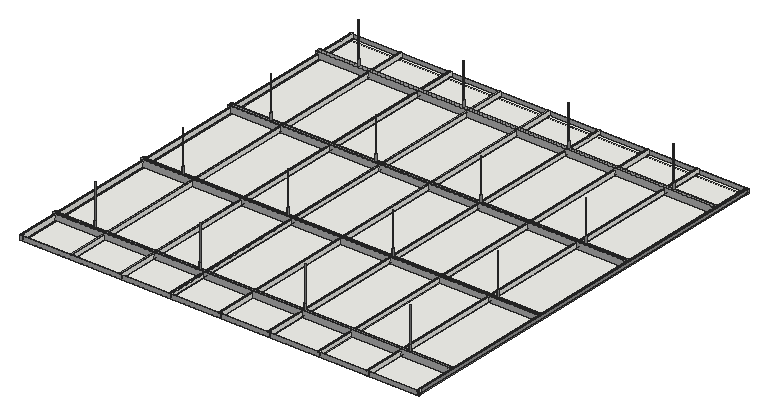
Revit family "FalsoTecho_THU_Lama-Roma", category Modelos genéricos, Revit 2016
Family settings
  Tipo de pieza = Normal
  Puede alojar armadura = No
  Cota de conector redondo = Diámetro de uso
  Número OmniClass = 23.35.70.24.11.17.14.11
  Título OmniClass = Metal Linear Ceilings
  Se basa en plano de trabajo = Sí
  Siempre vertical = No
  Corte con vacíos al cargar = Sí
  Compartido = No
  Punto de cálculo de habitación = No
Parameters (values of type "Acero_300mm")
  Tirantes_Separación real [instance] = (Rastrel_Longitud - (Tirante inicial_Distancia a borde * 2)) / (Tirantes_Recuento - 1)  # 637.567 mm
  Tirantes_Recuento [instance] = (Rastrel_Longitud - (Tirante inicial_Distancia a borde * 2)) / Tirantes_Separación aproximada + 2  # 4
  Tirantes_Separación aproximada [instance] = 1000 mm  # constant formula
  Tirante_Longitud [instance] = THU_Falso techo_Plenum altura  # 250 mm
  Tirante inicial_Distancia a borde [instance] = if(Rastrel_Longitud < 1500 mm, 25 mm, 250 mm)  # 250 mm
  THU_Velo [instance] = no
  THU_Subestructura_Material = "Acero galvanizado"
  THU_Subestructura_Color = THU_Acero galvanizado
  THU_Reacción al fuego = "A2-s1, d0"
  THU_Rastrel = Rastrel_THU_Roma-100 : 3,00x0,70x0,22mm
  THU_Lama_Material = "Acero"
  THU_Lama_Color [instance] = THU_Blanco-RAL9010
  THU_Lama = Lama_THU_Roma : Acero_300mm
  THU_Falso techo_Área [instance] = THU_Falso techo_Longitud * THU_Falso techo_Anchura  # 6.25 m²
  THU_Falso techo_Plenum altura [instance] = 250 mm
  THU_Falso techo_Longitud [instance] = 2500 mm
  THU_Falso techo_Anchura [instance] = 2500 mm
  THU_Falso techo_Altura libre [instance] = 2500 mm
  THU_Acabado [instance] = Acabado_THU_Bandejas : Liso
  Solape vertical_Lama y rastrel [instance] = 21.7 mm  # constant formula
  Rastreles_Separación aproximada [instance] = 1000 mm  # constant formula
  Rastreles_Separación real [instance] = (Lama_Longitud - (Rastrel inicial_Distancia a borde * 2)) / (Rastreles_Recuento - 1)  # 666.667 mm
  Rastreles_Recuento (ml) [instance] = Rastrel_Longitud * Rastreles_Recuento  # 9650.8 mm
  Rastreles_Recuento [instance] = (Lama_Longitud - (Rastrel inicial_Distancia a borde * 2)) / Rastreles_Separación aproximada + 2  # 4
  Rastrel_Roma 100 = Rastrel_THU_Roma-100 : 3,00x0,70x0,22mm
  Rastrel_Longitud [instance] = (Lamas_Recuento * Lama_Anchura) + (Lamas_Separación * (Lamas_Recuento - 1)) + 12.7 mm  # 2412.7 mm
  Rastrel_Anchura = 30 mm  # constant formula
  Rastrel_Altura [instance] = 36 mm  # constant formula
  Rastrel inicial_Distancia a borde [instance] = if(Lama_Longitud < 1000 mm, 25 mm, 250 mm)  # 250 mm
  Página web del producto = "http://thu.es/producto/bandeja-roma/"
  Página web del fabricante = "http://thu.es/"
  Perfiles perimetrales_Distancia a bandeja [instance] = 2 mm  # constant formula
  Perfil perimetral_Anchura [instance] = 24 mm  # constant formula
  Perfil perimetral trans_Longitud [instance] = Rastrel_Longitud + (Perfiles perimetrales_Distancia a bandeja * 2)  # 2416.7 mm
  Perfil perimetral long_Longitud [instance] = Lama_Longitud - Perfil perimetral_Anchura  # 2476 mm
  Perfil perimetral 04 [instance] = yes
  Perfil perimetral 03 [instance] = yes
  Perfil perimetral 02 [instance] = yes
  Perfil perimetral 01 [instance] = yes
  Perfil perimetral [instance] = Perfiles perimetrales_THU : (A)_L24x24
  País de fabricación = "España"
  País de diseño = "España"
  Omniclass = "23.35.70.24.11.17.14.11"
  Número de edición (versión) = 1
  Nombre del objeto = "Lama Roma"
  NBS Reference Description = "Board suspended ceiling system"
  NBS Reference = "20-10-10/110"
  Marca = "THU"
  Manual de montaje = "http://thu.es/wp-content/uploads/manuals/MM-Techos-Bandejas-Roma.pdf"
  Lamas_Recuento (ml) [instance] = Lama_Longitud * Lamas_Recuento  # 20000 mm
  Lamas_Recuento [instance] = THU_Falso techo_Anchura / (Lama_Anchura + Lamas_Separación)  # 8
  Lamas_Separación [instance] = 0 mm  # constant formula
  Lama_Longitud [instance] = THU_Falso techo_Longitud  # 2500 mm
  Lama_Anchura = 300 mm
  Lama_Altura = 28 mm  # constant formula
  IFC Classification = "Ceiling"
  Grupo del producto = "Lamas"
  Ficha técnica = "http://thu.es/wp-content/uploads/datasheets/ft-bandejas-roma-thu.pdf"
  Ficha resumen = "http://thu.es/wp-content/uploads/datasheets/THU_Techos_metalicos_Bandeja_Roma.pdf"
  Fecha de publicación del objeto BIM = ""
  Famila del producto = "Techos metálicos"
  Falso techo_Grosor [instance] = Lama_Altura + Rastrel_Altura  # 64 mm
  Falso techo_Anchura aprox [instance] = (Lamas_Recuento * Lama_Anchura) + (Lamas_Separación * (Lamas_Recuento - 1))  # 2400 mm
  Fabricante = "THU Perfil S.L."
  Default Elevation = 0 mm
  Descripción = "Bandeja THU de ancho útil 200 ó 300 mm y de longitud variable según necesidades. Sistema autoportante (no necesita rastrel) sobre una longitud máxima de 2m para ancho de 200mm y de 2,5m para el modelo de 300mm.Normalmente montado sobre angulares de 24 mm y perfilería THU T24. Lleva un sistema de clips de plástico para el ajuste entre bandejas que permite que el techo sea registrable localmente donde no son colocados y modulable al ancho de la bandeja. Su superficie puede ser lisa o presentar distintas perforaciones."
  Declaración de prestaciones = "http://thu.es/wp-content/uploads/declarations/dp_bandejas_roma.pdf"
  Comentarios de tipo = "Bandejas Roma para techo suspendido, para ser montadas en interior de edificios con perfilería THU T24 o rastreles Venezia según circunstancias de aplicación."
  COBie Type Category = "L387 : Suspended ceilings"
Types (3, lengths in mm): name | Tirantes_Separación real | THU_Lama_Material | THU_Lama | Rastreles_Recuento (ml) | Rastrel_Longitud | Perfil perimetral trans_Longitud | Lamas_Recuento (ml) | Lamas_Recuento | Lama_Anchura | Falso techo_Anchura aprox
  Acero_300mm | 637.567 | "Acero" | Lama_THU_Roma : Acero_300mm | 9650.8 | 2412.7 | 2416.7 | 20000 | 8 | 300 | 2400
  Aluminio_300mm | 637.567 | "Aluminio" | Lama_THU_Roma : Aluminio_300mm | 9650.8 | 2412.7 | 2416.7 | 20000 | 8 | 300 | 2400
  Aluminio_200mm | 704.233 | "Aluminio" | Lama_THU_Roma : Aluminio_200mm | 10450.8 | 2612.7 | 2616.7 | 32500 | 13 | 200 | 2600
Reference planes
  plane 1 "Centro (Frontal/Posterior)": y = 0
  plane 2: z = 0
  plane 3 "Centro (Izquierda/Derecha)": x = 0
  plane 4 "Lamas_Límite inferior": z = 2500
  plane 5 "Rastreles_Límite inferior": z = 2506.3
  plane 6 "Rastreles_Límite superior": z = 2542.3
  plane 7 "Lamas_Límite superior": z = 2528
  plane 8 "Falso techo_Límite derecho": x = 2500
  plane 9 "Falso techo_Límite superior": y = 2500
  plane 10 "Tirantes_Límite superior": z = 2792.3
Dimensions and locks
  "Rastrel_Altura": plane 6 "Rastreles_Límite superior" to plane 5 "Rastreles_Límite inferior"
  "THU_Falso techo_Altura libre": level to plane 4 "Lamas_Límite inferior"
  "Lama_Altura": plane 7 "Lamas_Límite superior" to plane 4 "Lamas_Límite inferior"
  "Solape vertical_Lama y rastrel": plane 7 "Lamas_Límite superior" to plane 5 "Rastreles_Límite inferior"
  "THU_Falso techo_Longitud": plane 1 "Centro (Frontal/Posterior)" to plane 9 "Falso techo_Límite superior"
  "THU_Falso techo_Anchura": plane 3 "Centro (Izquierda/Derecha)" to plane 8 "Falso techo_Límite derecho"
  "THU_Falso techo_Plenum altura": plane 10 "Tirantes_Límite superior" to plane 6 "Rastreles_Límite superior"
  equal spacing: group 1, group 2, group 3, group 4, group 5, group 6, group 7, group 8  (x3)
  "Lamas_Separación": nested 2 to nested 1
  "Rastrel inicial_Distancia a borde": nested 1 to nested 9
  equal spacing: group 9, group 11, group 12, group 10  (x3)
  "Rastrel inicial_Distancia a borde": nested 1 to nested 10
  "Perfiles perimetrales_Distancia a bandeja": nested 13 to plane 3 "Centro (Izquierda/Derecha)"
  "Perfiles perimetrales_Distancia a bandeja": nested 9 to nested 14
  "Perfiles perimetrales_Distancia a bandeja": plane 9 "Falso techo_Límite superior" to nested 15
  "Perfiles perimetrales_Distancia a bandeja": nested 15 to plane 3 "Centro (Izquierda/Derecha)"
  "Perfiles perimetrales_Distancia a bandeja": nested 13 to plane 1 "Centro (Frontal/Posterior)"
  "Perfiles perimetrales_Distancia a bandeja": nested 16 to plane 3 "Centro (Izquierda/Derecha)"
  aligned and locked: level to plane 2
  aligned and locked: plane 7 "Lamas_Límite superior" to nested 1
  aligned and locked: plane 7 "Lamas_Límite superior" to nested 2
  aligned and locked: nested 9 to plane 5 "Rastreles_Límite inferior"
  aligned and locked: nested 11 to plane 5 "Rastreles_Límite inferior"
  aligned and locked: nested 13 to nested 16
  aligned and locked: nested 14 to nested 13
Nested families
  nested 1: "Lama_THU_Roma" at (12.695, 0, 2528), Lama_Longitud <- "Lama_Longitud", THU_Color <- "THU_Lama_Color", Lama_Anchura <- "Lama_Anchura", Lama_Altura <- "Lama_Altura", type <- "THU_Lama", type "Acero_300mm"
    with THU_Recuento (ml) 2500 mm, THU_Material "Aluminio", THU_Color THU_Blanco-RAL9010, Lama_Longitud 2500 mm, Lama_Anchura 300 mm, Lama_Altura 28 mm
  nested 2: "Lama_THU_Roma" at (312.695, 0, 2528), Lama_Longitud <- "Lama_Longitud", THU_Color <- "THU_Lama_Color", Lama_Anchura <- "Lama_Anchura", Lama_Altura <- "Lama_Altura", type <- "THU_Lama", type "Acero_300mm"
    with THU_Recuento (ml) 2500 mm, THU_Material "Aluminio", THU_Color THU_Blanco-RAL9010, Lama_Longitud 2500 mm, Lama_Anchura 300 mm, Lama_Altura 28 mm
  nested 3: "Lama_THU_Roma" at (612.695, 0, 2528), Lama_Longitud <- "Lama_Longitud", THU_Color <- "THU_Lama_Color", Lama_Anchura <- "Lama_Anchura", Lama_Altura <- "Lama_Altura", type <- "THU_Lama", type "Acero_300mm"
    with THU_Recuento (ml) 2500 mm, THU_Material "Aluminio", THU_Color THU_Blanco-RAL9010, Lama_Longitud 2500 mm, Lama_Anchura 300 mm, Lama_Altura 28 mm
  nested 4: "Lama_THU_Roma" at (912.695, 0, 2528), Lama_Longitud <- "Lama_Longitud", THU_Color <- "THU_Lama_Color", Lama_Anchura <- "Lama_Anchura", Lama_Altura <- "Lama_Altura", type <- "THU_Lama", type "Acero_300mm"
    with THU_Recuento (ml) 2500 mm, THU_Material "Aluminio", THU_Color THU_Blanco-RAL9010, Lama_Longitud 2500 mm, Lama_Anchura 300 mm, Lama_Altura 28 mm
  nested 5: "Lama_THU_Roma" at (1212.695, 0, 2528), Lama_Longitud <- "Lama_Longitud", THU_Color <- "THU_Lama_Color", Lama_Anchura <- "Lama_Anchura", Lama_Altura <- "Lama_Altura", type <- "THU_Lama", type "Acero_300mm"
    with THU_Recuento (ml) 2500 mm, THU_Material "Aluminio", THU_Color THU_Blanco-RAL9010, Lama_Longitud 2500 mm, Lama_Anchura 300 mm, Lama_Altura 28 mm
  nested 6: "Lama_THU_Roma" at (1512.695, 0, 2528), Lama_Longitud <- "Lama_Longitud", THU_Color <- "THU_Lama_Color", Lama_Anchura <- "Lama_Anchura", Lama_Altura <- "Lama_Altura", type <- "THU_Lama", type "Acero_300mm"
    with THU_Recuento (ml) 2500 mm, THU_Material "Aluminio", THU_Color THU_Blanco-RAL9010, Lama_Longitud 2500 mm, Lama_Anchura 300 mm, Lama_Altura 28 mm
  nested 7: "Lama_THU_Roma" at (1812.695, 0, 2528), Lama_Longitud <- "Lama_Longitud", THU_Color <- "THU_Lama_Color", Lama_Anchura <- "Lama_Anchura", Lama_Altura <- "Lama_Altura", type <- "THU_Lama", type "Acero_300mm"
    with THU_Recuento (ml) 2500 mm, THU_Material "Aluminio", THU_Color THU_Blanco-RAL9010, Lama_Longitud 2500 mm, Lama_Anchura 300 mm, Lama_Altura 28 mm
  nested 8: "Lama_THU_Roma" at (2112.695, 0, 2528), Lama_Longitud <- "Lama_Longitud", THU_Color <- "THU_Lama_Color", Lama_Anchura <- "Lama_Anchura", Lama_Altura <- "Lama_Altura", type <- "THU_Lama", type "Acero_300mm"
    with THU_Recuento (ml) 2500 mm, THU_Material "Aluminio", THU_Color THU_Blanco-RAL9010, Lama_Longitud 2500 mm, Lama_Anchura 300 mm, Lama_Altura 28 mm
  nested 9: "Rastrel_THU_Roma-100" at (0, 250, 2506.3) x (0, -1, 0) z (0, 0, 1), THU_Color <- "THU_Subestructura_Color", Tirantes_Recuento <- "Tirantes_Recuento", Tirante_Longitud <- "Tirante_Longitud", Tirante inicial_Distancia a extremo <- "Tirante inicial_Distancia a borde", Rastrel_Longitud <- "Rastrel_Longitud", Rastrel_Altura <- "Rastrel_Altura", type "3,00x0,70x0,22mm", detail levels medium+fine
    with Tirantes_Recuento 4, Tirante_Longitud 250 mm, Tirante inicial_Distancia a extremo 250 mm, THU_Recuento (ml) 2412.7 mm, THU_Material "Acero galvanizado", THU_Color THU_Acero galvanizado, Rastrel_Longitud 2412.7 mm, Rastrel_Anchura 30 mm, Rastrel_Altura 36 mm
  nested 10: "Rastrel_THU_Roma-100" at (0, 2250, 2506.3) x (0, -1, 0) z (0, 0, 1), THU_Color <- "THU_Subestructura_Color", Tirantes_Recuento <- "Tirantes_Recuento", Tirante_Longitud <- "Tirante_Longitud", Tirante inicial_Distancia a extremo <- "Tirante inicial_Distancia a borde", Rastrel_Longitud <- "Rastrel_Longitud", Rastrel_Altura <- "Rastrel_Altura", type "3,00x0,70x0,22mm", detail levels medium+fine
    with Tirantes_Recuento 4, Tirante_Longitud 250 mm, Tirante inicial_Distancia a extremo 250 mm, THU_Recuento (ml) 2412.7 mm, THU_Material "Acero galvanizado", THU_Color THU_Acero galvanizado, Rastrel_Longitud 2412.7 mm, Rastrel_Anchura 30 mm, Rastrel_Altura 36 mm
  nested 11: "Rastrel_THU_Roma-100" at (0, 916.667, 2506.3) x (0, -1, 0) z (0, 0, 1), THU_Color <- "THU_Subestructura_Color", Tirantes_Recuento <- "Tirantes_Recuento", Tirante_Longitud <- "Tirante_Longitud", Tirante inicial_Distancia a extremo <- "Tirante inicial_Distancia a borde", Rastrel_Longitud <- "Rastrel_Longitud", Rastrel_Altura <- "Rastrel_Altura", type "3,00x0,70x0,22mm", detail levels medium+fine
    with Tirantes_Recuento 4, Tirante_Longitud 250 mm, Tirante inicial_Distancia a extremo 250 mm, THU_Recuento (ml) 2412.7 mm, THU_Material "Acero galvanizado", THU_Color THU_Acero galvanizado, Rastrel_Longitud 2412.7 mm, Rastrel_Anchura 30 mm, Rastrel_Altura 36 mm
  nested 12: "Rastrel_THU_Roma-100" at (0, 1583.333, 2506.3) x (0, -1, 0) z (0, 0, 1), THU_Color <- "THU_Subestructura_Color", Tirantes_Recuento <- "Tirantes_Recuento", Tirante_Longitud <- "Tirante_Longitud", Tirante inicial_Distancia a extremo <- "Tirante inicial_Distancia a borde", Rastrel_Longitud <- "Rastrel_Longitud", Rastrel_Altura <- "Rastrel_Altura", type "3,00x0,70x0,22mm", detail levels medium+fine
    with Tirantes_Recuento 4, Tirante_Longitud 250 mm, Tirante inicial_Distancia a extremo 250 mm, THU_Recuento (ml) 2412.7 mm, THU_Material "Acero galvanizado", THU_Color THU_Acero galvanizado, Rastrel_Longitud 2412.7 mm, Rastrel_Anchura 30 mm, Rastrel_Altura 36 mm
  nested 13: "Perfiles perimetrales_THU" at (-2, -2, 2499) x (0, 1, 0) z (0, 0, 1), visible <- "Perfil perimetral 01", THU_Color <- "THU_Subestructura_Color", THU_Material <- "THU_Subestructura_Material", Perfil_Longitud <- "Perfil perimetral trans_Longitud", Perfil_Anchura <- "Perfil perimetral_Anchura", type <- "Perfil perimetral", type "(A)_L24x24"
    with THU_Recuento (ml) 2416.7 mm, THU_Material "Acero galvanizado", THU_Color THU_Acero galvanizado, Perfil_Longitud 2416.7 mm, Perfil_Anchura 24 mm
  nested 14: "Perfiles perimetrales_THU" at (2414.7, 22, 2499) x (-1, 0, 0) z (0, 0, 1), visible <- "Perfil perimetral 02", THU_Color <- "THU_Subestructura_Color", THU_Material <- "THU_Subestructura_Material", Perfil_Longitud <- "Perfil perimetral long_Longitud", Perfil_Anchura <- "Perfil perimetral_Anchura", type <- "Perfil perimetral", type "(A)_L24x24"
    with THU_Recuento (ml) 2476 mm, THU_Material "Acero galvanizado", THU_Color THU_Acero galvanizado, Perfil_Longitud 2476 mm, Perfil_Anchura 24 mm
  nested 15: "Perfiles perimetrales_THU" at (-2, 2502, 2499) x (0, -1, 0) z (0, 0, 1), visible <- "Perfil perimetral 03", THU_Color <- "THU_Subestructura_Color", THU_Material <- "THU_Subestructura_Material", Perfil_Longitud <- "Perfil perimetral trans_Longitud", Perfil_Anchura <- "Perfil perimetral_Anchura", type <- "Perfil perimetral", type "(A)_L24x24"
    with THU_Recuento (ml) 2416.7 mm, THU_Material "Acero galvanizado", THU_Color THU_Acero galvanizado, Perfil_Longitud 2416.7 mm, Perfil_Anchura 24 mm
  nested 16: "Perfiles perimetrales_THU" at (-2, 22, 2499), visible <- "Perfil perimetral 04", THU_Color <- "THU_Subestructura_Color", THU_Material <- "THU_Subestructura_Material", Perfil_Longitud <- "Perfil perimetral long_Longitud", Perfil_Anchura <- "Perfil perimetral_Anchura", type <- "Perfil perimetral", type "(A)_L24x24"
    with THU_Recuento (ml) 2476 mm, THU_Material "Acero galvanizado", THU_Color THU_Acero galvanizado, Perfil_Longitud 2476 mm, Perfil_Anchura 24 mm
Definition of nested family "Lama_THU_Roma"
  Parameters (values of type "Acero_300mm")
    THU_Recuento (ml) [instance] = Lama_Longitud  # 1000 mm
    THU_Mediciones = 1 < 2  # yes
    THU_Material [instance] = "Acero"
    THU_Color [instance] = none
    Nombre del objeto = "Lama Roma 300"
    Lama_Longitud [instance] = 1000 mm
    Lama_Anchura [instance] = 300 mm
    Lama_Altura [instance] = 28 mm
    Default Elevation = 0 mm
  Types (3, lengths in mm): name | THU_Material | Nombre del objeto | Lama_Anchura
    Acero_300mm | "Acero" | "Lama Roma 300" | 300
    Aluminio_300mm | "Aluminio" | "Lama Roma 300" | 300
    Aluminio_200mm | "Aluminio" | "Lama Roma 200" | 200
  Reference planes
    plane 1 "Centro (Frontal/Posterior)": y = 0
    plane 2: z = 0
    plane 3 "Centro (Izquierda/Derecha)": x = 0
    plane 4 "Lama_Borde izquierdo": x = 0
    plane 5 "Lama_Borde derecho": x = 300
    plane 6: y = 1000
  Forms (mm)
    Extrusion 1, solid, material <- "THU_Color"
      sketch origin (180.919, 0, -13.159) x (-1, 0, 0) y (0, 0, -1)
        loop
          arc (179.919, -12.159) -> (180.212, -12.867) -> (180.919, -13.159) r 1
          line (180.919, -13.159) -> (192.08, -13.159)
          arc (192.08, -13.159) -> (192.723, -12.925) -> (193.065, -12.333) r 1
          line (193.065, -12.333) -> (193.614, -9.22) -> (192.629, -9.047) -> (192.224, -11.341)
          arc (192.224, -11.341) -> (191.885, -11.928) -> (191.249, -12.159) r 0.991
          line (191.249, -12.159) -> (181.909, -12.159)
          arc (181.909, -12.159) -> (181.209, -11.87) -> (180.919, -11.17) r 0.99
          line (180.919, -11.17) -> (180.919, 13.861)
          arc (180.919, 13.861) -> (180.632, 14.554) -> (179.939, 14.841) r 0.98
          line (179.939, 14.841) -> (-118.081, 14.841)
          arc (-118.081, 14.841) -> (-118.788, 14.548) -> (-119.081, 13.841) r 1
          line (-119.081, 13.841) -> (-119.081, -11.168)
          arc (-119.081, -11.168) -> (-118.788, -11.875) -> (-118.081, -12.168) r 1
          line (-118.081, -12.168) -> (-110.92, -12.168)
          arc (-110.92, -12.168) -> (-110.277, -11.934) -> (-109.935, -11.342) r 1
          line (-109.935, -11.342) -> (-109.386, -8.229) -> (-110.371, -8.055) -> (-110.777, -10.355)
          arc (-110.777, -10.355) -> (-111.113, -10.938) -> (-111.746, -11.168) r 0.984
          line (-111.746, -11.168) -> (-117.424, -11.168)
          arc (-117.424, -11.168) -> (-117.888, -10.976) -> (-118.081, -10.511) r 0.657
          line (-118.081, -10.511) -> (-118.081, 12.874)
          arc (-118.081, 12.874) -> (-117.798, 13.557) -> (-117.114, 13.841) r 0.967
          line (-117.114, 13.841) -> (178.929, 13.841)
          arc (178.929, 13.841) -> (179.629, 13.551) -> (179.919, 12.85) r 0.99
          line (179.919, 12.85) -> (179.919, -12.159)
      from 0 to -1000
  Dimensions and locks
    "Lama_Anchura": plane 5 "Lama_Borde derecho" to plane 4 "Lama_Borde izquierdo"
    "Lama_Longitud": plane 1 "Centro (Frontal/Posterior)" to plane 6
    locked: Extrusion 1 sketch curve to Extrusion 1 sketch curve at 1  (x7)
    "Lama_Anchura": Extrusion 1 sketch curve to Extrusion 1 sketch curve
    "Lama_Altura": Extrusion 1 sketch curve to Extrusion 1 sketch curve
    aligned and locked: level to plane 2
    aligned and locked: Extrusion 1 to plane 6
    aligned and locked: plane 1 "Centro (Frontal/Posterior)" to Extrusion 1
  Automatic sketch dimensions
    Extrusion 1 sketch curve to plane 5 "Lama_Borde derecho" = 0 mm
    Extrusion 1 sketch curve to plane 3 "Centro (Izquierda/Derecha)" = 0 mm
    Extrusion 1 sketch curve to level = 0 mm
    Extrusion 1 sketch curve to Extrusion 1 sketch curve = 0 mm
    Extrusion 1 sketch curve to plane 5 "Lama_Borde derecho" = 1 mm
    Extrusion 1 sketch curve to Extrusion 1 sketch curve = 0.657 mm
    Extrusion 1 sketch curve to Extrusion 1 sketch curve = 0.967 mm
    Extrusion 1 sketch curve to Extrusion 1 sketch curve = 5.678 mm
    Extrusion 1 sketch curve to Extrusion 1 sketch curve = 0.826 mm
    Extrusion 1 sketch curve to level = 2.805 mm
    Extrusion 1 sketch curve to Extrusion 1 sketch curve = 0.143 mm
    Extrusion 1 sketch curve to Extrusion 1 sketch curve = 0.405 mm  (x2)
    Extrusion 1 sketch curve to level = 1.818 mm
    Extrusion 1 sketch curve to Extrusion 1 sketch curve = 0.985 mm
    Extrusion 1 sketch curve to Extrusion 1 sketch curve = 0.99 mm
    plane 3 "Centro (Izquierda/Derecha)" to Extrusion 1 sketch curve = 0.98 mm
    Extrusion 1 sketch curve to plane 3 "Centro (Izquierda/Derecha)" = 0.99 mm
    Extrusion 1 sketch curve to Extrusion 1 sketch curve = 9.34 mm
    Extrusion 1 sketch curve to Extrusion 1 sketch curve = 0.831 mm
    Extrusion 1 sketch curve to level = 1.819 mm
    Extrusion 1 sketch curve to Extrusion 1 sketch curve = 0.144 mm
    Extrusion 1 sketch curve to level = 4.113 mm
    Extrusion 1 sketch curve to level = 0.826 mm
    Extrusion 1 sketch curve to level = 0.991 mm
Definition of nested family "Rastrel_THU_Roma-100"
  Parameters (values of type "3,00x0,70x0,22mm")
    Tirantes_Recuento [instance] = 2
    Tirante_Longitud [instance] = 250 mm
    Tirante inicial_Distancia a extremo [instance] = 100 mm
    THU_Recuento (ml) [instance] = Rastrel_Longitud  # 1000 mm
    THU_Mediciones = 1 < 2  # yes
    THU_Material [instance] = "Acero galvanizado"
    THU_Color [instance] = none
    Rastrel_Longitud [instance] = 1000 mm
    Rastrel_Anchura [instance] = 30 mm  # constant formula
    Rastrel_Altura [instance] = 36 mm
    Nombre del objeto = "Rastrel Roma 100"
    Default Elevation = 0 mm
  Reference planes
    plane 1 "Centro (Frontal/Posterior)": y = 0
    plane 2: z = 0
    plane 3 "Centro (Izquierda/Derecha)": x = 0
    plane 4 "Rastrel_Cara superior": z = 36
    plane 5: x = -15
    plane 6: x = 15
  Forms (mm)
    Extrusion 1, solid, material <- "THU_Color"
      sketch origin (0, 0, 0) x (1, 0, 0) y (0, 0, 1)
        loop
          line (-9.63, 35.151) -> (-15, 0) -> (-13.988, 0) -> (-8.641, 35) -> (8.641, 35) -> (13.988, 0) -> (15, 0) -> (9.63, 35.151)
          arc (9.63, 35.151) -> (9.293, 35.759) -> (8.641, 36) r 1
          line (8.641, 36) -> (-8.641, 36)
          arc (-8.641, 36) -> (-9.293, 35.759) -> (-9.63, 35.151) r 1
      from 0 to -1000
  Dimensions and locks
    "Rastrel_Altura": plane 4 "Rastrel_Cara superior" to level
    "Rastrel_Anchura": plane 5 to plane 6
    equal spacing: plane 5, plane 3 "Centro (Izquierda/Derecha)", plane 6
    locked: Extrusion 1 sketch curve to Extrusion 1 sketch curve at 1  (x3)
    "Rastrel_Longitud": Extrusion 1 to Extrusion 1
    "Tirante inicial_Distancia a extremo": plane 1 "Centro (Frontal/Posterior)" to nested 1
    group 1 to group 2 = 0 mm  (x2)
    group 1 to group 2 = 800 mm
    "Tirante inicial_Distancia a extremo": Extrusion 1 to nested 2
    aligned and locked: level to plane 2
    aligned and locked: Extrusion 1 to level  (x2)
    aligned and locked: plane 3 "Centro (Izquierda/Derecha)" to nested 1
    aligned and locked: plane 3 "Centro (Izquierda/Derecha)" to nested 2
  Automatic sketch dimensions
    Extrusion 1 sketch curve to level = 0 mm  (x2)
    plane 5 to Extrusion 1 sketch curve = 0 mm
    Extrusion 1 sketch curve to plane 4 "Rastrel_Cara superior" = 0 mm
    plane 6 to Extrusion 1 sketch curve = 0 mm
    Extrusion 1 sketch curve to Extrusion 1 sketch curve = 1.012 mm
    Extrusion 1 sketch curve to plane 4 "Rastrel_Cara superior" = 0.849 mm  (x2)
    Extrusion 1 sketch curve to Extrusion 1 sketch curve = 0 mm  (x2)
    plane 6 to Extrusion 1 sketch curve = 1.012 mm
  Nested families
    nested 1: "Tirantes_THU" at (0, 100, 36), Tirante_Material <- "THU_Color", Tirante_Longitud <- "Tirante_Longitud", type "Tirante - Rastreles", detail levels fine
      with Tirante_Material none, Tirante_Longitud 250 mm
    nested 2: "Tirantes_THU" at (0, 900, 36), Tirante_Material <- "THU_Color", Tirante_Longitud <- "Tirante_Longitud", type "Tirante - Rastreles", detail levels fine
      with Tirante_Material none, Tirante_Longitud 250 mm
  Definition of nested family "Tirantes_THU"
    Parameters (values of type "Tirante - Perfil triangular")
      Tirante_Material [instance] = none
      Tirante_Longitud [instance] = 250 mm
      Pieza de cuelgue_Altura = 20 mm
      Pieza de cualgue_Anchura = 26 mm
      Perfiles = no
      Perfil triangular = yes
      Rastreles = no
      Default Elevation = 0 mm
    Types (3, lengths in mm): name | Pieza de cuelgue_Altura | Pieza de cualgue_Anchura | Perfiles | Perfil triangular | Rastreles
      Tirante - Rastreles | 40 | 10 | no | no | yes
      Tirante - Perfil triangular | 20 | 26 | no | yes | no
      Tirante - Perfiles | 20 | 10.5 | yes | no | no
    Reference planes
      plane 1 "Centro (Frontal/Posterior)": y = 0
      plane 2: z = 0
      plane 3 "Centro (Izquierda/Derecha)": x = 0
      plane 4 "Perfil_Cara superior": z = 20
      plane 5 "Tirantes_Límite superior": z = 250
      plane 6 "Pieza de cuelgue_Lateral izquierdo": x = -13
      plane 7 "Pieza de cuelgue_Lateral derecho": x = 13
    Forms (mm)
      Extrusion 1, solid, material <- "Tirante_Material"
        sketch origin (0, 0, 0) x (1, 0, 0) y (0, 1, 0)
          loop
            circle (0, 0) r 1.5
        from 20 to 250
      Extrusion 2, solid, material <- "Tirante_Material", visible <- "Perfiles"
        sketch origin (0, 0, 0) x (1, 0, 0) y (0, 0, 1)
          loop
            line (-13, 20) -> (-13, 0) -> (-8.759, 0) -> (-8.759, 2) -> (-10.518, 2) -> (-10.518, 11) -> (10.518, 11) -> (10.518, 2) -> (8.759, 2) -> (8.759, 0) -> (13, 0) -> (13, 20) -> (-13, 20)
        from -1 to 1
      Extrusion 3, solid, material <- "Tirante_Material", visible <- "Perfil triangular"
        sketch origin (0, 0, 0) x (1, 0, 0) y (0, 0, 1)
          loop
            line (0, 20) -> (-13, 20) -> (-13, 18) -> (-1, 18) -> (-1, 2.022) -> (-13, 2.022) -> (-13, 0) -> (0, 0) -> (13, 0) -> (13, 2.022) -> (1, 2.022) -> (1, 18) -> (13, 18) -> (13, 20) -> (0, 20)
        from -7.5 to 7.5
      Extrusion 4, solid, material <- "Tirante_Material", visible <- "Rastreles"
        sketch origin (0, 0, 0) x (1, 0, 0) y (0, 0, 1)
          loop
            line (-13, 0) -> (13, 0) -> (13, 20) -> (-13, 20) -> (-13, 0)
        from -1 to 1
    Dimensions and locks
      equal spacing: Extrusion 2, plane 1 "Centro (Frontal/Posterior)", Extrusion 2
      "Tirante_Longitud": plane 5 "Tirantes_Límite superior" to level
      "Pieza de cuelgue_Altura": plane 4 "Perfil_Cara superior" to level
      "Pieza de cualgue_Anchura": plane 7 "Pieza de cuelgue_Lateral derecho" to plane 6 "Pieza de cuelgue_Lateral izquierdo"
      equal spacing: plane 7 "Pieza de cuelgue_Lateral derecho", plane 3 "Centro (Izquierda/Derecha)", plane 6 "Pieza de cuelgue_Lateral izquierdo"
      locked: Extrusion 2 sketch curve to Extrusion 2 sketch curve at 2.482  (x2)
      locked: Extrusion 2 sketch curve to Extrusion 2 sketch curve at 9
      locked: Extrusion 2 sketch curve to Extrusion 2 sketch curve at 4.241  (x2)
      locked: Extrusion 3 sketch curve to Extrusion 3 sketch curve at 2  (x2)
      locked: Extrusion 3 sketch curve to Extrusion 3 sketch curve at 2.022
      aligned and locked: level to plane 2
      aligned and locked: plane 5 "Tirantes_Límite superior" to Extrusion 1
      aligned and locked: Extrusion 1 to plane 4 "Perfil_Cara superior"
      aligned and locked: Extrusion 1 to Extrusion 2
      aligned and locked: Extrusion 2 to level
      aligned and locked: Extrusion 3 sketch curve to Extrusion 3 sketch curve  (x4)
      aligned and locked: plane 4 "Perfil_Cara superior" to Extrusion 4 sketch curve
      aligned and locked: plane 7 "Pieza de cuelgue_Lateral derecho" to Extrusion 4 sketch curve
      aligned and locked: Extrusion 4 sketch curve to plane 6 "Pieza de cuelgue_Lateral izquierdo"
      aligned and locked: plane 6 "Pieza de cuelgue_Lateral izquierdo" to Extrusion 2 sketch curve
      aligned and locked: Extrusion 3 sketch curve to plane 7 "Pieza de cuelgue_Lateral derecho"
      aligned and locked: Extrusion 3 sketch curve to plane 6 "Pieza de cuelgue_Lateral izquierdo"
      aligned and locked: Extrusion 2 sketch curve to Extrusion 2 sketch curve
    Automatic sketch dimensions
      plane 1 "Centro (Frontal/Posterior)" to Extrusion 1 sketch curve = 0 mm
      Extrusion 1 sketch curve to plane 3 "Centro (Izquierda/Derecha)" = 0 mm
      Extrusion 2 sketch curve to level = 0 mm  (x2)
      Extrusion 2 sketch curve to plane 4 "Perfil_Cara superior" = 0 mm
      level to Extrusion 2 sketch curve = 2 mm
      Extrusion 3 sketch curve to plane 4 "Perfil_Cara superior" = 0 mm
      Extrusion 3 sketch curve to level = 0 mm
      Extrusion 3 sketch curve to plane 3 "Centro (Izquierda/Derecha)" = 0 mm  (x2)
      plane 3 "Centro (Izquierda/Derecha)" to Extrusion 3 sketch curve = 1 mm
      Extrusion 2 sketch curve to plane 7 "Pieza de cuelgue_Lateral derecho" = 0 mm
      Extrusion 4 sketch curve to level = 0 mm
      radius of Extrusion 1 sketch curve = 1.5 mm
Definition of nested family "Perfiles perimetrales_THU"
  Parameters (values of type "U20")
    U = yes
    THU_Recuento (ml) [instance] = Perfil_Longitud  # 1000 mm
    THU_Mediciones = 1 < 2  # yes
    THU_Material [instance] = "Acero galvanizado"
    THU_Color [instance] = none
    RC = no
    Perfil_Longitud [instance] = 1000 mm
    Perfil_Grosor = 1 mm
    Perfil_Anchura [instance] = 15 mm
    Perfil_Altura = 20 mm
    Nombre del objeto = "Perfil U20"
    (A)_(F) = no
    Default Elevation = 0 mm
    (D)_Perfil cornisa = no
  Types (7, lengths in mm): name | U | THU_Material | RC | Perfil_Anchura | Perfil_Altura | Nombre del objeto | (A)_(F) | (D)_Perfil cornisa
    (A)_L24x24 | no | "Acero galvanizado" | no | 24 | 24 | "(A)_L24x24" | yes | no
    (D)_Perfil cornisa | no | "Acero galvanizado" | no | 18 | 37 | "(D)_Perfil cornisa" | no | yes
    (F)_Angular PVC | no | "PVC" | no | 28 | 22 | "(F)_Angular PVC" | yes | no
    (A)_L15x33 | no | "Acero galvanizado" | no | 15 | 33 | "(A)_L24x24" | yes | no
    U40 | yes | "Acero galvanizado" | no | 15 | 42 | "Perfil U40" | no | no
    RC | no | "Acero galvanizado" | yes | 28 | 20 | "Perfil RC" | no | no
    U20 | yes | "Acero galvanizado" | no | 15 | 20 | "Perfil U20" | no | no
  Reference planes
    plane 1 "Centro (Frontal/Posterior)": y = 0
    plane 2: z = 0
    plane 3 "Centro (Izquierda/Derecha)": x = 0
    plane 4 "Perfil_Cara superior": z = 20
    plane 5: x = 15
    plane 6: y = -1000
  Forms (mm)
    Extrusion 1, solid, material <- "THU_Color", visible <- "(A)_(F)", detail levels medium+fine
      sketch origin (0, 0, 0) x (1, 0, 0) y (0, 0, 1)
        loop
          line (0, 20) -> (0, 0) -> (15, 0) -> (15, 1) -> (1, 1) -> (1, 20) -> (0, 20)
      from 0 to 1000
    Extrusion 2, solid, material <- "THU_Color", visible <- "(D)_Perfil cornisa", detail levels medium+fine
      sketch origin (0, 0, 0) x (1, 0, 0) y (0, 0, 1)
        loop
          line (1, 20) -> (0, 20) -> (0, 1) -> (-13, 1) -> (-13, 22) -> (-14, 22) -> (-14, 0) -> (15, 0) -> (15, 1) -> (1, 1) -> (1, 20)
      from 0 to 1000
    Extrusion 3, solid, material <- "THU_Color", visible <- "U", detail levels medium+fine
      sketch origin (0, 0, 0) x (1, 0, 0) y (0, 0, 1)
        loop
          line (0, 0) -> (15, 0) -> (15, 1) -> (1, 1) -> (1, 19) -> (15, 19) -> (15, 20) -> (0, 20) -> (0, 0)
      from 0 to 1000
    Extrusion 4, solid, material <- "THU_Color", visible <- "RC"
      sketch origin (0, 0, 0) x (1, 0, 0) y (0, 0, 1)
        loop
          line (15, 0) -> (15, 1) -> (1.398, 1) -> (1.398, 1.948) -> (7.436, 4.764)
          arc (7.436, 4.764) -> (8.592, 7.941) -> (5.415, 9.097) r 2.391
          line (5.415, 9.097) -> (1, 7.038) -> (1, 19) -> (6.5, 19) -> (6.5, 17.2) -> (7.5, 17.2) -> (7.5, 20) -> (0, 20) -> (0, 5.469) -> (5.838, 8.191)
          arc (5.838, 8.191) -> (7.686, 7.518) -> (7.013, 5.67) r 1.391
          line (7.013, 5.67) -> (0, 2.4) -> (0, 0) -> (15, 0)
      from 0 to 1000
  Dimensions and locks
    "Perfil_Altura": plane 4 "Perfil_Cara superior" to level
    "Perfil_Anchura": plane 5 to plane 3 "Centro (Izquierda/Derecha)"
    locked: Extrusion 2 sketch curve to Extrusion 2 sketch curve at 1  (x3)
    locked: Extrusion 2 sketch curve to Extrusion 1 at 13
    locked: Extrusion 2 sketch curve to level at 22
    "Perfil_Longitud": plane 6 to plane 1 "Centro (Frontal/Posterior)"
    locked: Extrusion 3 sketch curve to Extrusion 3 sketch curve at 1  (x3)
    locked: Extrusion 4 sketch curve to Extrusion 4 sketch curve at 1  (x6)
    locked: Extrusion 4 sketch curve to Extrusion 4 sketch curve at 1.398
    aligned and locked: level to plane 2
    aligned and locked: plane 5 to Extrusion 1 sketch curve
    aligned and locked: Extrusion 1 sketch curve to plane 4 "Perfil_Cara superior"
    aligned and locked: plane 4 "Perfil_Cara superior" to Extrusion 2 sketch curve
    aligned and locked: plane 5 to Extrusion 2 sketch curve
    aligned and locked: plane 3 "Centro (Izquierda/Derecha)" to Extrusion 2 sketch curve
    aligned and locked: Extrusion 1 sketch curve to plane 3 "Centro (Izquierda/Derecha)"
    aligned and locked: plane 6 to Extrusion 2
    aligned and locked: plane 6 to Extrusion 1
    aligned and locked: Extrusion 3 sketch curve to plane 5
    aligned and locked: plane 5 to Extrusion 3 sketch curve
    aligned and locked: Extrusion 3 sketch curve to plane 4 "Perfil_Cara superior"
    aligned and locked: Extrusion 3 sketch curve to plane 2
    aligned and locked: plane 3 "Centro (Izquierda/Derecha)" to Extrusion 3 sketch curve
    aligned and locked: Extrusion 3 to plane 1 "Centro (Frontal/Posterior)"
    aligned and locked: Extrusion 3 to plane 6
    aligned and locked: Extrusion 4 sketch curve to plane 4 "Perfil_Cara superior"
    aligned and locked: plane 3 "Centro (Izquierda/Derecha)" to Extrusion 4 sketch curve  (x2)
    aligned and locked: level to Extrusion 4 sketch curve
    aligned and locked: plane 5 to Extrusion 4 sketch curve
    aligned and locked: Extrusion 4 to plane 6
  Automatic sketch dimensions
    Extrusion 1 sketch curve to level = 0 mm
    plane 3 "Centro (Izquierda/Derecha)" to Extrusion 1 sketch curve = 1 mm
    level to Extrusion 1 sketch curve = 1 mm
    Extrusion 2 sketch curve to level = 0 mm
    Extrusion 2 sketch curve to Extrusion 2 sketch curve = 0 mm
    Extrusion 4 sketch curve to Extrusion 4 sketch curve = 0 mm
    Extrusion 4 sketch curve to Extrusion 4 sketch curve = 4.415 mm
    Extrusion 4 sketch curve to Extrusion 4 sketch curve = 0.423 mm  (x2)
    Extrusion 4 sketch curve to Extrusion 4 sketch curve = 0.588 mm  (x2)
    Extrusion 4 sketch curve to Extrusion 4 sketch curve = 5.5 mm
    Extrusion 4 sketch curve to Extrusion 4 sketch curve = 0.948 mm
    Extrusion 4 sketch curve to Extrusion 4 sketch curve = 0.452 mm
    Extrusion 4 sketch curve to Extrusion 4 sketch curve = 3.069 mm
    Extrusion 4 sketch curve to Extrusion 4 sketch curve = 1.26 mm
    Extrusion 4 sketch curve to Extrusion 4 sketch curve = 1.8 mm
